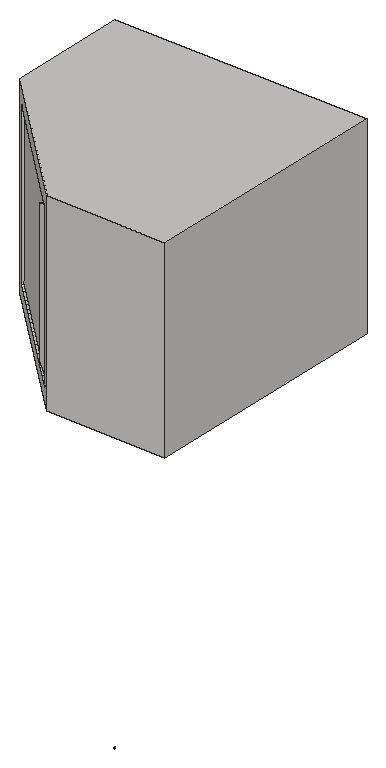
Revit family "QF_ELECTROLUXPROFESSIONAL_132829_PAB800LCN", category Attrezzature speciali, Revit 2020
Family settings
  Quota connettore circolare = Usa diametro
  Tipo di parte = Normale
  Basato su piano di lavoro = No
  Sempre verticale = Sì
  Taglio con vuoti quando caricato = No
  Condiviso = No
  Punto di calcolo locali = No
Parameters (values of type "Standard")
  Weight = 18.00 kg
  Watts = 0 W
  Volts = 0 V
  URL Manufacturer = "https://www.electroluxprofessional.com/"
  URL = "https://www.electroluxprofessional.com/"
  Steam Supply Size = 0 mm
  Steam Supply Minimum Pressure = 0.0 Pa
  Steam Supply Maximum Pressure = 0.0 Pa
  Steam Consumption per Hour = 0
  Refrigeration Suction Line Size = 0.0 mm
  Refrigeration Liquid Line Size = 0.0 mm
  Refrigerant Compressor Remote = yes
  Prospetto di default = 0.0 mm
  Phase = 0
  Modello = "PAB800LCN"
  Produttore = "Electrolux Professional"
  Length Actual = 850.0 mm  # constant formula
  Item Number = "132829"
  Hot Water Size = 0 mm
  Height Actual = 650.0 mm  # constant formula
  HP = "0 HP"
  Gas Size = 0 mm
  Gas KW = 0
  Gas Input Pressure = 0 W
  Direct Waste Size = 0 mm
  Descrizione = "WALL CUPBOARD W/1 HINGED DOOR-CORNER"
  Depth Actual = 850.0 mm  # constant formula
  Cycle = 0 Hz
  Condensate Return Size = 0 mm
  Compressed Air Volume = 0.0 L/s
  Compressed Air Size = 0 mm
  Compressed Air Pressure = 0.0 Pa
  Cold Water Size = 0 mm
  Accessory = yes
Reference planes
  plane 1: z = 0
  plane 2 "Center (Left/Right)": through (-211.258, -36.758, 0) normal (0.7071, -0.7071, 0)
  plane 3 "Base": z = 2200
  plane 4 "BASE": z = 1550
  plane 5: through (-946.284, 371.916, 4000) normal (0.7071, 0.7071, 0)
  plane 6: through (-487.609, -14.003, 4000) normal (0.7071, -0.7071, 0)
  plane 7: y = -424.606
  plane 8 "Top": y = 425.394
  plane 9: x = -150
  plane 10: x = 250
  plane 11 "Left": x = -600
  plane 12: y = 25.394
Forms (mm)
  Extrusion 1, solid, material "QF_Finishes_Stainless Steel"
    sketch origin (0, 0, 1550) x (-1, 0, 0) y (0, -1, 0)
      loop
        line (133.752, 391.071) -> (130.216, 394.606) -> (126.681, 391.071) -> (130.216, 387.535) -> (133.752, 391.071)
    from 50 to 53
  Extrusion 2, solid, material "QF_Finishes_Stainless Steel"
    sketch origin (0, 0, 1550) x (-1, 0, 0) y (0, -1, 0)
      loop
        line (600, -425.394) -> (600, -25.632) -> (569.595, 4.772) -> (548.382, -16.441) -> (570, -38.059) -> (570, -395.394) -> (-220.894, -395.394) -> (-220.894, 394.606) -> (137.335, 394.606) -> (158.059, 373.882) -> (179.272, 395.095) -> (149.762, 424.606) -> (-250.894, 424.606) -> (-250.894, -425.394) -> (600, -425.394)
    from 50 to 595
  Extrusion 3, solid, material "QF_Finishes_Stainless Steel"
    sketch origin (0, 0, 1550) x (-1, 0, 0) y (0, -1, 0)
      loop
        line (600, -425.394) -> (600, -25.632) -> (149.762, 424.606) -> (-250.894, 424.606) -> (-250.894, -425.394) -> (600, -425.394)
    from 0 to 50
  Extrusion 4, solid, material "QF_Finishes_Stainless Steel"
    sketch origin (0, 0, 0) x (1, 0, 0) y (0, 1, 0)
      loop
        line (-600, 425.394) -> (-600, 423.388) -> (-598, 423.388) -> (-598, 425.394) -> (-600, 425.394)
    from 0 to 1.6
  Extrusion 5, solid, material "QF_Finishes_Stainless Steel"
    sketch origin (0, 0, 1550) x (-1, 0, 0) y (0, -1, 0)
      loop
        line (600, -425.394) -> (600, -25.632) -> (149.762, 424.606) -> (-250.894, 424.606) -> (-250.894, -425.394) -> (600, -425.394)
    from 595 to 650
Cuts and joins
  joined: Extrusion 2, Extrusion 3, Extrusion 5
Lines and regions (mm)
  symbolic lines, style "SpecialityEquipment"
    curve 1: line (246.651, -424.606, 1550) -> (-149.762, -424.606, 1550)
    curve 2: line (-600, 425.394, 1550) -> (-600, 25.632, 1550)
    curve 3: line (250.894, 425.394, 1550) -> (-600, 425.394, 1550)
    curve 4: line (250.894, -424.606, 1550) -> (250.894, 425.394, 1550)
    curve 5: line (-600, 25.632, 1550) -> (-149.762, -424.606, 1550)
    curve 6: line (250.894, 425.394, 0) -> (-600, 25.632, 0)
    curve 7: line (250.894, 425.394, 0) -> (-149.574, -424.794, 0)
Dimensions and locks
  plane 4 "BASE" to level = 1550.0 mm
  locked: plane 3 "Base" to plane 4 "BASE" at 650
  plane 10 to plane 9 = 400.0 mm
  plane 10 to plane 11 "Left" = 850.0 mm
  plane 8 "Top" to plane 12 = 400.0 mm
  plane 8 "Top" to plane 7 = 850.0 mm
  aligned and locked: level to plane 1
Nested families
  nested 1: "H650_530ang_1SLIDEDOOR" at (-354.581, -163.17, 1875) x (-0.7071, 0.7071, 0) z (-0.7071, -0.7071, 0), type "H650_530ang_1SLIDEDOOR"
    with Show Clearance yes
Definition of nested family "H650_530ang_1SLIDEDOOR"
  Parameters
    WidthDoor [instance] = 636.0 mm
    Show Clearance [instance] = yes
    Model = "727995"
    HeightDoor = 650.0 mm
    Default Elevation = 0.0 mm
  Reference planes
    plane 1 "Center (Front/Back)": y = 0
    plane 2: z = 0
    plane 3 "Center (Left/Right)": x = -11.958
    plane 4 "panel": z = 25
    plane 5 "High": y = 325
    plane 6 "Low": y = -325
    plane 7 "Left": x = -329.958
    plane 8: x = -284.958
    plane 9 "Right": x = 306.042
    plane 10: x = 264.042
    plane 11: x = -287.958
    plane 12: x = 261.042
    plane 13: y = 260
    plane 14: y = -265
    plane 15: z = 40.034
  Forms (mm)
    Extrusion 1, solid
      sketch origin (0, -919.2, 0) x (1, 0, 0) y (0, 1, 0)
        loop
          line (-980.5, 2119.2) -> (-980.5, -162.846) -> (881.94, -162.846) -> (881.94, 2119.2) -> (-980.5, 2119.2)
      from 0 to -59.546
    Extrusion 2, solid
      sketch origin (552.042, 0, 0) x (-1, 0, 0) y (0, 0, -1)
        loop
          line (288.67, -35) -> (772, -35) -> (807, -20) -> (837, -20) -> (837, 0) -> (288.67, 0) -> (288.67, -35)
      from 265 to -260
    Extrusion 3, solid
      sketch origin (0, 0, 0) x (1, 0, 0) y (0, 0, 1)
        loop
          line (-242.958, 49) -> (-270.958, 34) -> (-284.958, 20) -> (-282.13, 20) -> (-269.753, 32.377) -> (-242.014, 47.237) -> (-242.958, 49)
      from -260 to 265
    Extrusion 4, void
      sketch origin (0, 0, 0) x (1, 0, 0) y (0, 1, 0)
        loop
          line (-237.458, -265) -> (-237.458, -213.25) -> (-271.958, -265) -> (-237.458, -265)
        loop
          line (-242.014, 260) -> (-252.014, 260)
          arc (-252.014, 260) -> (-244.943, 257.071) -> (-242.014, 250) r 10
          line (-242.014, 250) -> (-242.014, 260)
      from 28.426 to 53.364
    Extrusion 5, solid, detail levels coarse
      sketch origin (0, 0, 0) x (1, 0, 0) y (0, 0, 1)
        loop
          line (261.042, 40.034) -> (261.042, 531.034)
          arc (261.042, 531.034) -> (-109.961, 394.515) -> (-284.958, 40.034) r 533.141
          line (-284.958, 40.034) -> (261.042, 40.034)
      from -260 to 265
  Cuts and joins
    Extrusion 4 cuts Extrusion 3
  Lines and regions (mm)
    symbolic lines
      curve 1: line (261.042, 0, 40.034) -> (261.042, 0, 531.034)
      curve 2: arc (261.042, 0, 531.034) -> (-109.961, 0, 394.515) -> (-284.958, 0, 40.034) r 533.141
  Dimensions and locks
    plane 4 "panel" to level = 25.0 mm
    "WidthDoor": plane 7 "Left" to plane 9 "Right"
    equal spacing: plane 7 "Left", plane 3 "Center (Left/Right)", plane 9 "Right"
    locked: plane 7 "Left" to plane 11 at 42
    locked: plane 11 to plane 8 at 3
    locked: plane 12 to plane 10 at 3
    equal spacing: plane 6 "Low", plane 1 "Center (Front/Back)", plane 5 "High"
    "HeightDoor": plane 6 "Low" to plane 5 "High"
    plane 6 "Low" to plane 14 = 60.0 mm
    plane 13 to plane 5 "High" = 65.0 mm
    locked: plane 10 to plane 9 "Right" at 42
    plane 15 to Extrusion 1 = 40.034 mm
    aligned and locked: plane 2 to Extrusion 1
    aligned and locked: level to Extrusion 1
  Automatic sketch dimensions
    Extrusion 1 sketch curve to Extrusion 1 sketch curve = 1862.44 mm
    Extrusion 1 sketch curve to Extrusion 1 sketch curve = 2282.046 mm
    plane 8 to Extrusion 3 sketch curve = 0.0 mm
    plane 4 "panel" to Extrusion 3 sketch curve = 9.0 mm
    Extrusion 3 sketch curve to plane 8 = 14.0 mm
    plane 4 "panel" to Extrusion 3 sketch curve = 7.377 mm
    Extrusion 3 sketch curve to plane 4 "panel" = 5.0 mm
    Extrusion 3 sketch curve to plane 8 = 2.828 mm
    Extrusion 2 sketch curve to level = 0.0 mm
    plane 8 to Extrusion 2 sketch curve = 0.0 mm
    Extrusion 2 sketch curve to Extrusion 2 sketch curve = 35.0 mm
    Extrusion 2 sketch curve to plane 10 = 0.67 mm
    plane 4 "panel" to Extrusion 2 sketch curve = 10.0 mm
    Extrusion 2 sketch curve to plane 8 = 65.0 mm
    Extrusion 2 sketch curve to plane 4 "panel" = 5.0 mm
    Extrusion 3 sketch curve to Extrusion 3 sketch curve = 1.205 mm
    Extrusion 3 sketch curve to Extrusion 3 sketch curve = 28.0 mm
    Extrusion 4 sketch curve to plane 14 = 0.0 mm
    Extrusion 4 sketch curve to plane 8 = 13.0 mm
    Extrusion 4 sketch curve to plane 13 = 10.0 mm
    Extrusion 4 sketch curve to plane 8 = 32.944 mm
    plane 13 to Extrusion 4 sketch curve = 0.0 mm
    Extrusion 4 sketch curve to Extrusion 4 sketch curve = 34.5 mm
    plane 14 to Extrusion 4 sketch curve = 51.75 mm
    plane 4 "panel" to Extrusion 3 sketch curve = 22.237 mm
    plane 8 to Extrusion 5 sketch curve = 0.0 mm
    Extrusion 5 sketch curve to plane 12 = 0.0 mm
    Extrusion 5 sketch curve to plane 15 = 0.0 mm
    Extrusion 5 sketch curve to level = 1.91 mm
    Extrusion 5 sketch curve to plane 12 = 14.511 mm
    plane 8 to curve 2 = 0.0 mm
    curve 2 to plane 12 = 0.0 mm
    curve 1 to plane 15 = 0.0 mm
    curve 2 to plane 15 = 0.0 mm
    curve 2 to level = 1.91 mm
    curve 2 to plane 12 = 14.511 mm
